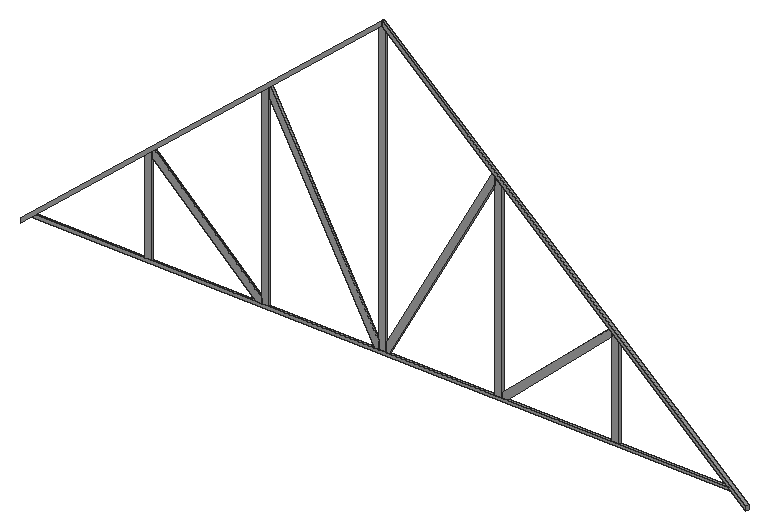
Revit family "DoubleHoweTruss", category Structural Framing, Revit 2022
Family settings
  Section Shape = Not Defined
  Material for Model Behavior = Wood
  Always export as geometry = No
  OmniClass Number = 23.25.30.21.14
  OmniClass Title = Trussed Beams and Joists
  Work Plane-Based = No
  Always vertical = Yes
  Cut with Voids When Loaded = No
  Symbolic Representation = From Family
  Shared = No
  Show family pre-cut in plan views = Yes
Parameters
  WebWidth [instance] = 50 mm
  WebDepth [instance] = 200 mm
  T_Volume [instance] = 0.00 m³
  TopWidth [instance] = 80 mm
  Structural Material [instance] = Poche
  SpanRight [instance] = 10000 mm
  SpanLeft [instance] = 10000 mm
  Span [instance] = SpanLeft + SpanRight  # 20000 mm
  SlopeRight [instance] = 40.00°
  SlopeLeft [instance] = 40.00°
  OverhangRight [instance] = 300 mm
  OverhangLeft [instance] = 400 mm
  TopDepth [instance] = 100 mm
  BottomWidth [instance] = 50 mm
  BottomDepth [instance] = 100 mm
Reference planes
  plane 1 "Center (Front/Back)": y = 0
  plane 2: z = 0
  plane 3 "Center (Left/Right)": x = 0
  plane 4: x = -10000
  plane 5: x = 10000
  plane 6: x = 10400
  plane 7: x = -10300
  plane 8: z = 100
  plane 9: x = 3333.333
  plane 10: x = 6666.667
  plane 11: x = -3333.333
  plane 12: x = -6666.667
  plane 13: x = -6766.667
  plane 14: x = -6566.667
  plane 15: x = -3433.333
  plane 16: x = -3233.333
  plane 17: x = -100
  plane 18: x = 100
  plane 19: x = 3233.333
  plane 20: x = 3433.333
  plane 21: x = 6566.667
  plane 22: x = 6766.667
Forms (mm)
  Extrusion 1, solid, material "Cherry"
    sketch origin (0, 0, 0) x (1, 0, 0) y (0, 0, 1)
      loop
        line (-6766.667, 2713.089) -> (-6766.667, 100) -> (-6566.667, 100) -> (-6566.667, 2880.909) -> (-6766.667, 2713.089)
    from -25 to 25
  Extrusion 2, solid, material "Cherry"
    sketch origin (0, 0, 0) x (1, 0, 0) y (0, 0, 1)
      loop
        line (-3233.333, 5677.908) -> (-3433.333, 5510.088) -> (-3433.333, 100) -> (-3233.333, 100) -> (-3233.333, 5677.908)
    from -25 to 25
  Extrusion 3, solid, material "Cherry"
    sketch origin (0, 0, 0) x (1, 0, 0) y (0, 0, 1)
      loop
        line (100, 8307.086) -> (0, 8390.996) -> (-100, 8307.086) -> (-100, 100) -> (100, 100) -> (100, 8307.086)
    from -25 to 25
  Extrusion 4, solid, material "Cherry"
    sketch origin (0, 0, 0) x (1, 0, 0) y (0, 0, 1)
      loop
        line (3433.333, 5510.088) -> (3233.333, 5677.908) -> (3233.333, 100) -> (3433.333, 100) -> (3433.333, 5510.088)
    from -25 to 25
  Extrusion 5, solid, material "Cherry"
    sketch origin (0, 0, 0) x (1, 0, 0) y (0, 0, 1)
      loop
        line (6766.667, 2713.089) -> (6566.667, 2880.909) -> (6566.667, 100) -> (6766.667, 100) -> (6766.667, 2713.089)
    from -25 to 25
  Extrusion 6, solid, material "Cherry"
    sketch origin (0, 0, 0) x (1, 0, 0) y (0, 0, 1)
      loop
        line (-3583.983, 100) -> (-3433.333, 100) -> (-3433.333, 233.705) -> (-6489.229, 2945.886) -> (-6566.667, 2880.909) -> (-6566.667, 2747.204) -> (-3583.983, 100)
    from -25 to 25
  Extrusion 7, solid, material "Cherry"
    sketch origin (0, 0, 0) x (1, 0, 0) y (0, 0, 1)
      loop
        line (-100, 304.183) -> (-3155.38, 5743.318) -> (-3233.333, 5677.908) -> (-3233.333, 5473.725) -> (-214.698, 100) -> (-100, 100) -> (-100, 304.183)
    from -25 to 25
  Extrusion 8, solid, material "Cherry"
    sketch origin (0, 0, 0) x (1, 0, 0) y (0, 0, 1)
      loop
        line (214.698, 100) -> (3233.333, 5473.725) -> (3233.333, 5677.908) -> (3155.38, 5743.318) -> (100, 304.183) -> (100, 100) -> (214.698, 100)
    from -25 to 25
  Extrusion 9, solid, material "Cherry"
    sketch origin (0, 0, 0) x (1, 0, 0) y (0, 0, 1)
      loop
        line (3583.983, 100) -> (6566.667, 2747.204) -> (6566.667, 2880.909) -> (6489.229, 2945.886) -> (3433.333, 233.705) -> (3433.333, 100) -> (3583.983, 100)
    from -25 to 25
  Extrusion 10, solid, material "Cherry"
    sketch origin (0, 0, 0) x (1, 0, 0) y (0, 0, 1)
      loop
        line (10400, -335.64) -> (10400, -205.099) -> (0, 8521.537) -> (0, 8390.996) -> (10400, -335.64)
    from -40 to 40
  Extrusion 11, solid, material "Cherry"
    sketch origin (0, 0, 0) x (1, 0, 0) y (0, 0, 1)
      loop
        line (-10300, -121.189) -> (-10300, -251.73) -> (0, 8390.996) -> (0, 8521.537) -> (-10300, -121.189)
    from -40 to 40
  Extrusion 12, solid, material "Cherry"
    sketch origin (0, 0, 0) x (1, 0, 0) y (0, 0, 1)
      loop
        line (-10000, 0) -> (10000, 0) -> (9880.825, 100) -> (-9880.825, 100) -> (-10000, 0)
    from -25 to 25
Lines and regions (mm)
  reference lines
    curve 1: line (10000, 0, 0) -> (0, 0, 8390.996)
    curve 2: line (-10000, 0, 0) -> (0, 0, 8390.996)
    curve 3: line (10001.738, 0, 129.083) -> (-8.024, 0, 8528.27)
    curve 4: line (-9999.444, 0, 131.007) -> (-134.65, 0, 8408.552)
    curve 5: line (0, 40, 1939.254) -> (0, 40, -520.746)
    curve 6: line (0, -40, 1939.254) -> (0, -40, -520.746)
    curve 7: line (0, -25, 1939.254) -> (0, -25, -520.746)
    curve 8: line (0, -25, 1939.254) -> (0, -25, -520.746)
    curve 9: line (0, 25, 1939.254) -> (0, 25, -520.746)
    curve 10: line (0, 25, 1939.254) -> (0, 25, -520.746)
    curve 11: line (100, 0, 100) -> (3233.333, 0, 5677.908)
    curve 12: line (3433.333, 0, 100) -> (6566.667, 0, 2880.909)
    curve 13: line (-100, 0, 100) -> (-3233.333, 0, 5677.908)
    curve 14: line (-3433.333, 0, 100) -> (-6566.667, 0, 2880.909)
    curve 15: line (-3366.954, 0, 174.792) -> (-6500.287, 0, 2955.7)
    curve 16: line (-3499.713, 0, 25.208) -> (-6633.046, 0, 2806.117)
    curve 17: line (-12.814, 0, 148.976) -> (-3146.147, 0, 5726.883)
    curve 18: line (-187.186, 0, 51.024) -> (-3320.519, 0, 5628.932)
    curve 19: line (12.814, 0, 148.976) -> (3146.147, 0, 5726.883)
    curve 20: line (187.186, 0, 51.024) -> (3320.519, 0, 5628.932)
    curve 21: line (3366.954, 0, 174.792) -> (6500.287, 0, 2955.7)
    curve 22: line (3499.713, 0, 25.208) -> (6633.046, 0, 2806.117)
Dimensions and locks
  "SpanLeft": plane 3 "Center (Left/Right)" to plane 5
  "SpanRight": plane 3 "Center (Left/Right)" to plane 4
  "OverhangLeft": plane 5 to plane 6
  "OverhangRight": plane 7 to plane 4
  "BottomDepth": level to plane 8
  "TopDepth": curve 1 to curve 3
  "TopDepth": curve 4 to curve 2
  equal spacing: curve 5, curve 4, curve 6
  "TopWidth": curve 5 to curve 6
  equal spacing: curve 9, curve 4, curve 7
  "WebWidth": curve 9 to curve 7
  equal spacing: curve 10, curve 4, curve 8
  "BottomWidth": curve 10 to curve 8
  equal spacing: plane 4, plane 12, plane 11, plane 3 "Center (Left/Right)"
  equal spacing: plane 5, plane 10, plane 9, plane 3 "Center (Left/Right)"
  equal spacing: plane 14, plane 12, plane 13
  equal spacing: plane 16, plane 11, plane 15
  equal spacing: plane 18, plane 3 "Center (Left/Right)", plane 17
  equal spacing: plane 20, plane 9, plane 19
  equal spacing: plane 22, plane 10, plane 21
  "WebDepth": plane 14 to plane 13
  "WebDepth": plane 16 to plane 15
  "WebDepth": plane 18 to plane 17
  "WebDepth": plane 20 to plane 19
  "WebDepth": plane 22 to plane 21
  equal spacing: curve 15, curve 14, curve 16
  "WebDepth": curve 15 to curve 16
  equal spacing: curve 17, curve 13, curve 18
  "WebDepth": curve 17 to curve 18
  equal spacing: curve 20, curve 11, curve 19
  "WebDepth": curve 20 to curve 19
  equal spacing: curve 22, curve 12, curve 21
  "WebDepth": curve 22 to curve 21
  "SlopeLeft": angle level to curve 1
  "SlopeRight": angle curve 2 to level
  aligned and locked: plane 2 to level
  aligned and locked: plane 3 "Center (Left/Right)" to curve 1
  aligned and locked: plane 5 to curve 1
  aligned and locked: curve 1 to level
  aligned and locked: level to curve 2
  aligned and locked: Extrusion 1 sketch curve to plane 13
  aligned and locked: plane 14 to Extrusion 1 sketch curve
  aligned and locked: Extrusion 1 sketch curve to plane 8
  aligned and locked: curve 2 to Extrusion 1 sketch curve
  aligned and locked: plane 16 to Extrusion 2 sketch curve
  aligned and locked: Extrusion 2 sketch curve to plane 15
  aligned and locked: Extrusion 2 sketch curve to plane 8
  aligned and locked: curve 2 to Extrusion 2 sketch curve
  aligned and locked: plane 18 to Extrusion 3 sketch curve
  aligned and locked: Extrusion 3 sketch curve to plane 17
  aligned and locked: Extrusion 3 sketch curve to plane 8
  aligned and locked: curve 1 to Extrusion 3 sketch curve
  aligned and locked: curve 2 to Extrusion 3 sketch curve
  aligned and locked: plane 20 to Extrusion 4 sketch curve
  aligned and locked: Extrusion 4 sketch curve to plane 19
  aligned and locked: Extrusion 4 sketch curve to plane 8
  aligned and locked: curve 1 to Extrusion 4 sketch curve
  aligned and locked: plane 22 to Extrusion 5 sketch curve
  aligned and locked: Extrusion 5 sketch curve to plane 21
  aligned and locked: Extrusion 5 sketch curve to plane 8
  aligned and locked: curve 1 to Extrusion 5 sketch curve
  aligned and locked: curve 16 to Extrusion 6 sketch curve
  aligned and locked: curve 15 to Extrusion 6 sketch curve
  aligned and locked: curve 2 to Extrusion 6 sketch curve
  aligned and locked: Extrusion 1 to Extrusion 6 sketch curve
  aligned and locked: Extrusion 2 to Extrusion 6 sketch curve
  aligned and locked: Extrusion 6 sketch curve to plane 8
  aligned and locked: curve 17 to Extrusion 7 sketch curve
  aligned and locked: curve 18 to Extrusion 7 sketch curve
  aligned and locked: Extrusion 3 to Extrusion 7 sketch curve
  aligned and locked: Extrusion 7 sketch curve to plane 8
  aligned and locked: curve 2 to Extrusion 7 sketch curve
  aligned and locked: Extrusion 2 to Extrusion 7 sketch curve
  aligned and locked: curve 20 to Extrusion 8 sketch curve
  aligned and locked: curve 19 to Extrusion 8 sketch curve
  aligned and locked: Extrusion 8 sketch curve to Extrusion 4
  aligned and locked: Extrusion 8 sketch curve to plane 8
  aligned and locked: Extrusion 8 sketch curve to Extrusion 3
  aligned and locked: curve 1 to Extrusion 8 sketch curve
  aligned and locked: curve 22 to Extrusion 9 sketch curve
  aligned and locked: curve 21 to Extrusion 9 sketch curve
  aligned and locked: curve 1 to Extrusion 9 sketch curve
  aligned and locked: Extrusion 9 sketch curve to plane 8
  aligned and locked: Extrusion 9 sketch curve to Extrusion 4
  aligned and locked: Extrusion 10 sketch curve to curve 1
  aligned and locked: Extrusion 10 sketch curve to curve 3
  aligned and locked: Extrusion 10 sketch curve to plane 3 "Center (Left/Right)"
  aligned and locked: Extrusion 10 sketch curve to plane 6
  aligned and locked: Extrusion 10 to curve 6
  aligned and locked: Extrusion 1 to curve 9
  aligned and locked: Extrusion 1 to curve 7
  aligned and locked: Extrusion 6 to curve 9
  aligned and locked: Extrusion 6 to curve 7
  aligned and locked: Extrusion 2 to Extrusion 1  (x2)
  aligned and locked: Extrusion 7 to Extrusion 1  (x2)
  aligned and locked: Extrusion 3 to Extrusion 2  (x2)
  aligned and locked: Extrusion 8 to Extrusion 1  (x2)
  aligned and locked: Extrusion 11 sketch curve to curve 4
  aligned and locked: Extrusion 11 sketch curve to curve 2
  aligned and locked: plane 7 to Extrusion 11 sketch curve
  aligned and locked: Extrusion 11 sketch curve to plane 3 "Center (Left/Right)"
  aligned and locked: Extrusion 11 to Extrusion 10
  aligned and locked: Extrusion 10 to Extrusion 11
  aligned and locked: Extrusion 12 sketch curve to level
  aligned and locked: Extrusion 12 sketch curve to plane 8
  aligned and locked: Extrusion 10 to Extrusion 12 sketch curve
  aligned and locked: Extrusion 11 to Extrusion 12 sketch curve
  aligned and locked: curve 10 to Extrusion 12
  aligned and locked: Extrusion 12 to curve 8
  aligned and locked: Extrusion 4 to curve 9
  aligned and locked: Extrusion 4 to curve 7
  aligned and locked: Extrusion 9 to curve 9
  aligned and locked: Extrusion 9 to curve 7
  aligned and locked: Extrusion 5 to curve 9
  aligned and locked: Extrusion 5 to curve 7
Automatic sketch dimensions
  Extrusion 9 sketch curve to plane 21 = 0 mm
  plane 14 to curve 14 = 0 mm
  curve 14 to plane 8 = 0 mm
  curve 14 to plane 15 = 0 mm
  plane 16 to curve 13 = 0 mm
  curve 13 to plane 8 = 0 mm
  curve 13 to plane 17 = 0 mm
  curve 11 to plane 8 = 0 mm
  plane 18 to curve 11 = 0 mm
  curve 11 to plane 19 = 0 mm
  curve 12 to plane 8 = 0 mm
  plane 20 to curve 12 = 0 mm
  curve 12 to plane 21 = 0 mm
  curve 4 to plane 4 = 0.556 mm
  curve 16 to plane 12 = 33.621 mm
  curve 15 to plane 14 = 66.379 mm
  level to curve 16 = 25.208 mm
  plane 11 to curve 15 = 33.621 mm
  curve 18 to plane 11 = 12.814 mm
  curve 17 to plane 16 = 87.186 mm
  curve 18 to plane 8 = 48.976 mm
  curve 4 to plane 17 = 34.65 mm
  curve 17 to plane 3 "Center (Left/Right)" = 12.814 mm
  curve 3 to plane 3 "Center (Left/Right)" = 8.024 mm
  plane 3 "Center (Left/Right)" to curve 19 = 12.814 mm
  curve 20 to plane 8 = 48.976 mm
  curve 19 to plane 19 = 87.186 mm
  curve 20 to plane 9 = 12.814 mm
  plane 9 to curve 21 = 33.621 mm
  level to curve 22 = 25.208 mm
  curve 21 to plane 21 = 66.379 mm
  curve 22 to plane 10 = 33.621 mm
  curve 3 to plane 5 = 1.738 mm
  curve 10 to level = 520.746 mm
  curve 5 to curve 10 = 0 mm
  curve 8 to curve 5 = 0 mm
  curve 8 to curve 6 = 0 mm  (x2)
  curve 6 to curve 7 = 0 mm  (x2)
  curve 9 to curve 5 = 0 mm  (x2)
  plane 8 to curve 6 = 1839.254 mm
  curve 6 to curve 9 = 0 mm
  curve 9 to curve 10 = 0 mm
